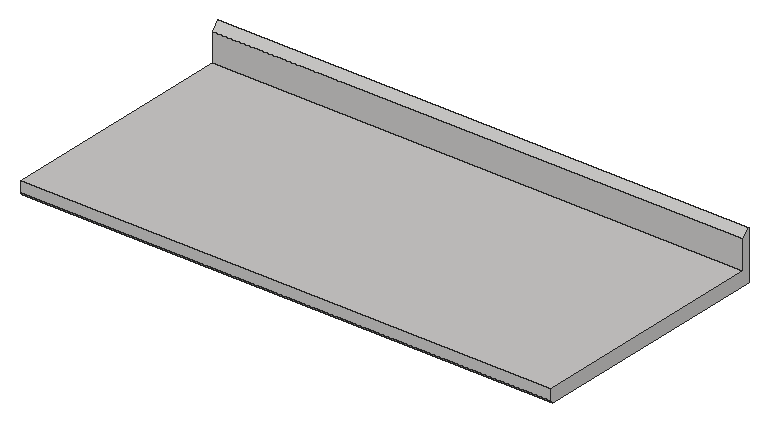
Revit family "QF_ELECTROLUXPROFESSIONAL_121143_TPLA15A", category Attrezzature speciali, Revit 2020
Family settings
  Quota connettore circolare = Usa diametro
  Tipo di parte = Normale
  Basato su piano di lavoro = No
  Sempre verticale = Sì
  Taglio con vuoti quando caricato = No
  Condiviso = No
  Punto di calcolo locali = No
Parameters (values of type "Standard")
  Weight = 50.00 kg
  Watts = 0 W
  Volts = 0 V
  URL Manufacturer = "https://www.electroluxprofessional.com/"
  URL = "https://www.electroluxprofessional.com/"
  Steam Supply Size = 0 mm
  Steam Supply Minimum Pressure = 0.0 Pa
  Steam Supply Maximum Pressure = 0.0 Pa
  Steam Consumption per Hour = 0
  Refrigeration Suction Line Size = 0.0 mm
  Refrigeration Liquid Line Size = 0.0 mm
  Refrigerant Compressor Remote = yes
  Prospetto di default = 0.0 mm
  Phase = 0
  Modello = "TPLA15A"
  Produttore = "Electrolux Professional"
  Length Actual = 1500.0 mm  # constant formula
  Item Number = "121143"
  Hot Water Size = 0 mm
  Height Actual = 140.0 mm  # constant formula
  HP = "0 HP"
  Gas Size = 0 mm
  Gas KW = 0
  Gas Input Pressure = 0 W
  Direct Waste Size = 0 mm
  Descrizione = "WORK TOP WITH UPSTAND 1500MM"
  Depth Actual = 700.0 mm  # constant formula
  Cycle = 0 Hz
  Condensate Return Size = 0 mm
  Compressed Air Volume = 0.0 L/s
  Compressed Air Size = 0 mm
  Compressed Air Pressure = 0.0 Pa
  Cold Water Size = 0 mm
  Accessory = yes
Reference planes
  plane 1 "Center (Front/Back)": y = 0
  plane 2: z = 0
  plane 3 "Center (Left/Right)": x = -250
  plane 4 "LEFT": x = -1000
  plane 5 "RIGHT": x = 500
  plane 6 "BACK": y = 350
  plane 7 "FRONT": y = -350
  plane 8 "TOP": z = 1000
  plane 9: z = 900
  plane 10: z = 860
Forms (mm)
  Extrusion 1, solid, material "QF_Finishes_Stainless Steel"
    sketch origin (-250, 0, 0) x (0, 1, 0) y (0, 0, 1)
      loop
        line (350, 1000) -> (330, 980) -> (330, 900) -> (-350, 900) -> (-350, 870) -> (-340, 860) -> (350, 860) -> (350, 1000)
    from 750 to -750
Lines and regions (mm)
  symbolic lines
    curve 1: line (500, 350, 1000) -> (-1000, 350, 1000)
    curve 2: line (-1000, 350, 1000) -> (-1000, -350, 1000)
    curve 3: line (-1000, -350, 1000) -> (500, -350, 1000)
    curve 4: line (500, -350, 1000) -> (500, 350, 1000)
    curve 5: line (-1000, 330, 1000) -> (500, 330, 1000)
Dimensions and locks
  plane 4 "LEFT" to plane 5 "RIGHT" = 1500.0 mm
  equal spacing: plane 4 "LEFT", plane 3 "Center (Left/Right)", plane 5 "RIGHT"
  plane 6 "BACK" to plane 7 "FRONT" = 700.0 mm
  equal spacing: plane 6 "BACK", plane 1 "Center (Front/Back)", plane 7 "FRONT"
  locked: plane 8 "TOP" to plane 9 at 100
  locked: plane 6 "BACK" to Extrusion 1 sketch curve at 20
  plane 10 to level = 860.0 mm
  plane 8 "TOP" to plane 10 = 140.0 mm
  aligned and locked: level to plane 2
  aligned and locked: Extrusion 1 to plane 4 "LEFT"
  aligned and locked: plane 5 "RIGHT" to Extrusion 1
  aligned and locked: curve 2 to plane 4 "LEFT"
  aligned and locked: Extrusion 1 sketch curve to plane 9
  aligned and locked: Extrusion 1 sketch curve to plane 6 "BACK"
  aligned and locked: plane 7 "FRONT" to Extrusion 1 sketch curve
  aligned and locked: plane 10 to Extrusion 1 sketch curve
Automatic sketch dimensions
  curve 3 to plane 7 "FRONT" = 0.0 mm
  curve 4 to plane 5 "RIGHT" = 0.0 mm
  curve 4 to plane 6 "BACK" = 0.0 mm
  curve 5 to plane 6 "BACK" = 20.0 mm
  Extrusion 1 sketch curve to plane 8 "TOP" = 0.0 mm
  Extrusion 1 sketch curve to plane 8 "TOP" = 20.0 mm
  plane 7 "FRONT" to Extrusion 1 sketch curve = 10.0 mm
  level to Extrusion 1 sketch curve = 870.0 mm
